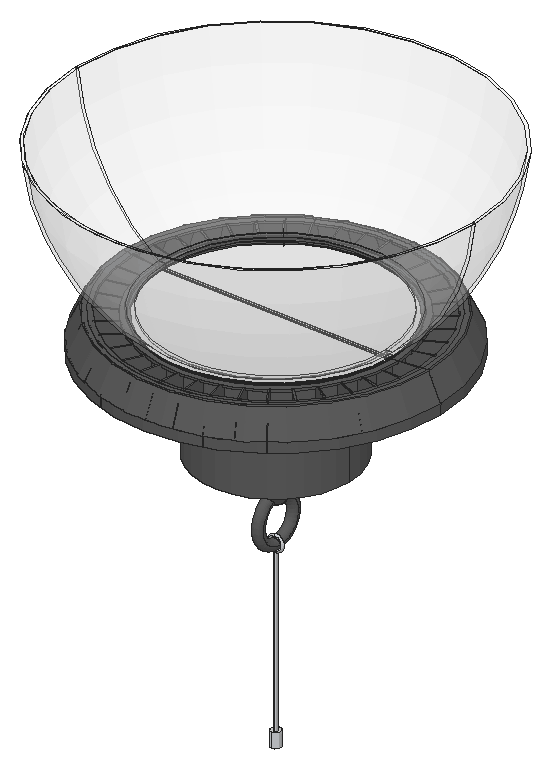
Revit family "0039352+0039361 Feilo Sylvania Lighting Fixture START HIGHBAY 6K 26KLM WIDE with PC LAMPSHADE TRANSPARENT FOR 26KLM", category Lighting Fixtures, host Face, Revit 2017
Family settings
  Host = Face
  Round Connector Dimension = Use Diameter
  Part Type = Normal
  OmniClass Number = 23.80.70.00
  OmniClass Title = Lighting
  Cut with Voids When Loaded = No
  Light Source = Yes
  Shared = No
  Room Calculation Point = No
Parameters (values of type "0039352+0039361 START HIGHBAY 6K 26KLM WIDE PC LAMPSHADE TRANSPARENT FOR 26KLM")
  WidthStraight_FEILO = if(SizeS_FEILO, 3 mm, if(SizeM_FEILO, 4 mm, 4.7 mm))  # 4.7 mm
  WidthRingChamfer_FEILO = if(SizeS_FEILO, 10.3 mm, if(SizeM_FEILO, 11.2 mm, 12.9 mm))  # 12.9 mm
  WidthCurved_FEILO = if(SizeS_FEILO, 17.4 mm, if(SizeM_FEILO, 16.4 mm, 26.2 mm))  # 26.2 mm
  WidthCurvedRing_FEILO = if(SizeS_FEILO, 3 mm, if(SizeM_FEILO, 4 mm, 4.7 mm))  # 4.7 mm
  WidthBracket_FEILO = 40 mm
  Weight = "3.7 kg"
  Wattage Comments = ""
  Wattage = 200 W
  WarrantyStartDate [instance] = "n/a"
  WarrantyGuarantorParts = "n/a"
  WarrantyDurationUnit = "n/a"
  WarrantyDurationParts = "n/a"
  WarrantyDescription = "n/a"
  built-in parameter 1150110 = 1 (stored number, unit not read)
  Voltage = 230 V
  VisibilityBracket_FEILO = no
  URL = "http://www.sylvania-lighting.com"
  TypeName = "START HIGHBAY 6K 26KLM WIDE PC LAMPSHADE TRANSPARENT FOR 26KLM"
  Type Image = <None>
  Type Comments = "n/a"
  built-in parameter 1114217 = 1 (stored number, unit not read)
  Tilt Angle = -90.00°
  ThicknessWall_FEILO = 1.5 mm
  ThicknessBracket_FEILO = 1.5 mm
  ThicknessBracketHalf_FEILO = ThicknessBracket_FEILO / 2  # 0.75 mm
  built-in parameter 1150109 = 1 (stored number, unit not read)
  built-in parameter 1150134 = 1
  SuspensionHeight_FEILO [instance] = 400 mm
  built-in parameter 1150113 = 1 (stored number, unit not read)
  SizeS_FEILO = no
  SizeM_FEILO = no
  ShadeThickness_FEILO = 3 mm
  ShadeSizeSM_FEILO = or(SizeS_FEILO, SizeM_FEILO)  # no
  ShadeRadiusOut_FEILO = 205 mm
  ShadeRadiusIn_FEILO = if(ShadeSizeSM_FEILO, 95 mm, 121 mm)  # 121 mm
  ShadeRadiusBend_FEILO = if(ShadeSizeSM_FEILO, 210 mm, 210 mm)  # 210 mm
  ShadeHeight_FEILO = if(ShadeSizeSM_FEILO, 120 mm, 151 mm)  # 151 mm
  SerialNumber [instance] = "n/a"
  Rib4_FEILO = if(SizeS_FEILO, 18.1 mm, if(SizeM_FEILO, 13.6 mm, 14.6 mm))  # 14.6 mm
  Rib3_FEILO = if(SizeS_FEILO, 15.3 mm, if(SizeM_FEILO, 17.6 mm, 20.2 mm))  # 20.2 mm
  Rib2_FEILO = if(SizeS_FEILO, 3.6 mm, if(SizeM_FEILO, 3.9 mm, 4.5 mm))  # 4.5 mm
  Rib1_FEILO = if(SizeS_FEILO, 15.1 mm, if(SizeM_FEILO, 16.5 mm, 19 mm))  # 19 mm
  RadiusDiffuser_FEILO = if(SizeS_FEILO, 95.2 mm, if(SizeM_FEILO, 105.3 mm, 120 mm))  # 120 mm
  RadiusArrayPost_FEILO = DriverRadius_FEILO - 6 mm  # 70.4 mm
  RHRadius3_FEILO = if(SizeS_FEILO, 6.6 mm, if(SizeM_FEILO, 7.4 mm, 8.6 mm))  # 8.6 mm
  RHRadius2_FEILO = if(SizeS_FEILO, 11 mm, if(SizeM_FEILO, 12 mm, 14 mm))  # 14 mm
  RHRadius1_FEILO = if(SizeS_FEILO, 13.6 mm, if(SizeM_FEILO, 14.9 mm, 17.7 mm))  # 17.7 mm
  RHHeight4_FEILO = if(SizeS_FEILO, 7.3 mm, if(SizeM_FEILO, 8 mm, 9.2 mm))  # 9.2 mm
  RHHeight3_FEILO = if(SizeS_FEILO, 3.6 mm, if(SizeM_FEILO, 3.7 mm, 4.6 mm))  # 4.6 mm
  RHHeight2_FEILO = if(SizeS_FEILO, 2 mm, if(SizeM_FEILO, 2.2 mm, 2.6 mm))  # 2.6 mm
  RHHeight1_FEILO = if(SizeS_FEILO, 11.8 mm, if(SizeM_FEILO, 15.3 mm, 17.4 mm))  # 17.4 mm
  Photometric Web File = "0039352+0039361.ies"
  Material_5_FEILO = Shade-Sylvania-StartHighbay-PC
  Material_3_FEILO = LED-Sylvania-StartHighbay-Glow
  PowerFactor = 0.95
  PowerConsumption = "200 W"
  NominalLength = 339 mm
  NominalHeight = 194 mm
  NominalDepth = 339 mm
  Name = "START HIGHBAY 6K 26KLM WIDE PC LAMPSHADE TRANSPARENT FOR 26KLM"
  ModelReference = Name  # "START HIGHBAY 6K 26KLM WIDE PC LAMPSHADE TRANSPARENT FOR 26KLM"
  ModelNumber = "0039352+0039361"
  Model = Name  # "START HIGHBAY 6K 26KLM WIDE PC LAMPSHADE TRANSPARENT FOR 26KLM"
  Material = "aluminium alloy housing, polycarbonate diffuser"
  ManufacturerName = "Feilo Sylvania"
  Manufacturer = "Feilo Sylvania"
  LuminousEfficacy = "130 lm/W"
  built-in parameter 1150105 = 17911 (stored number, unit not read)
  Lumens = 26000 lm
  LuminaireType = ""
  built-in parameter 1150115 = 1 (stored number, unit not read)
  LightOutputRatio = "n/a"
  built-in parameter 1150137 = (empty or 0)
  built-in parameter 1150139 = (empty or 0)
  LampsType = Lamp  # "LED"
  LampNominalLuminous = "26000 lm"
  LampMacAdamStep = "n/a"
  LampColourTemperature = "6500 K"
  LampColourRenderingIndex = "80"
  built-in parameter 1150112 = 1 (stored number, unit not read)
  built-in parameter 1150114 = 1 (stored number, unit not read)
  Lamp = "LED"
  Keynote = "16500"
  InstallationDate [instance] = "n/a"
  InputVoltage = "220-240V~"
  InputNominalFrequency = "50/60 Hz"
  built-in parameter 1150132 = (empty or 0)
  built-in parameter 1150102 = (empty or 0)
  built-in parameter 1150107 = 6500 (stored number, unit not read)
  built-in parameter 1150138 = (empty or 0)
  IngressProtection = "IP65"
  ImpactProtectionIndex = "IK08"
  built-in parameter 1150106 = 179.11 (stored number, unit not read)
  IfcExportType = "IfcLightFixtureType"
  IfcExportAs = "IfcLightFixtureType"
  HeightRing_FEILO = if(SizeS_FEILO, 19.8 mm, if(SizeM_FEILO, 32 mm, 36.8 mm))  # 36.8 mm
  HeightRingChamfer_FEILO = if(SizeS_FEILO, 11.7 mm, if(SizeM_FEILO, 23.2 mm, 26.6 mm))  # 26.6 mm
  EyeThickness_FEILO = if(SizeS_FEILO, 8.4 mm, if(SizeM_FEILO, 9.2 mm, 10.5 mm))  # 10.5 mm
  EyeThicknessHalf_FEILO = EyeThickness_FEILO / 2  # 5.25 mm
  EyeInner_FEILO = if(SizeS_FEILO, 13.8 mm, if(SizeM_FEILO, 15.1 mm, 17.3 mm))  # 17.3 mm
  ExpectedLife = 50000
  Emit from Circle Diameter = RadiusDiffuser_FEILO * 2  # 240 mm
  Emit Shape Visible in Rendering = no
  ElectricShockClassification = "Class I"
  built-in parameter 1150104 = 12.077 (stored number, unit not read)
  DurationUnit = "hours"
  DriverVerticalStraight_FEILO = if(SizeS_FEILO, 46.5 mm, if(SizeM_FEILO, 49.7 mm, 57 mm))  # 57 mm
  DriverVerticalChamfer_FEILO = if(SizeS_FEILO, 7.5 mm, if(SizeM_FEILO, 8.2 mm, 9.5 mm))  # 9.5 mm
  DriverRadius_FEILO = if(SizeS_FEILO, 61.4 mm, if(SizeM_FEILO, 67.2 mm, 76.4 mm))  # 76.4 mm
  DriverRadiusTop_FEILO = if(SizeS_FEILO, 42 mm, if(SizeM_FEILO, 45.3 mm, 52.4 mm))  # 52.4 mm
  DriverBottom_FEILO = if(SizeS_FEILO, 56 mm, if(SizeM_FEILO, 64.5 mm, 74 mm))  # 74 mm
  DocumentationLiterature = "http://www.sylvania-lighting.com/product/en-int/products/0039352"
  DimmingControlOptions = "n/a"
  Material_2_FEILO = Diffuser-Sylvania-StartHighbay-Transparent
  Radius_FEILO = if(SizeS_FEILO, 135 mm, if(SizeM_FEILO, 148 mm, 169.5 mm))  # 169.5 mm
  Dimming Lamp Color Temperature Shift = <None>
  DiameterWire_FEILO = 3 mm
  DiameterWireSupport_FEILO = 10 mm
  Description = "START HIGHBAY, includes 1 m cables, black aluminium housing, 26000LM, 200W, 130lm/W, 6500K, Driver current: 5000mA, CR80, 60° beam angle, 1-10V dimmable,  IP65, IK08, 50,000 hrs (L70B50), (LxWxH) 339x339x194mm"
  Default Elevation = 1219.2 mm
  CreatedOn = "2/28/2018"
  CreatedBy = ""
  Cost = 0
  Color Filter = 16777215
  built-in parameter 1114216 [instance] = (empty or 0)
  ClassificationValue = "EF_70_80"
  ClassificationName = "Uniclass2015"
  Material_1_FEILO = Body-Sylvania-StartHighbay-Black
  BarCode [instance] = "n/a"
  built-in parameter 1114218 = 1 (stored number, unit not read)
  built-in parameter 1150133 = 10 (stored number, unit not read)
  AssetType = "Fixed"
  AssetIdentifier [instance] = "n/a"
  Assembly Code = "D5020200"
  Apparent Load = 200 VA
  Material_4_FEILO = Shade-Sylvania-StartHighbay-PC
Reference planes
  plane 1 "Center (Front/Back)": y = 0
  plane 2: z = 0
  plane 3 "Center (Left/Right)": x = 0
  plane 4: z = 400
  plane 5: x = -169.5
  plane 6: x = -156.6
  plane 7: z = 373.4
  plane 8: z = 363.2
  plane 9: x = -151.9
  plane 10: z = 397.375
  plane 11: x = -125.7
  plane 12: x = -120
  plane 13: x = -147.2
  plane 14: z = 398.375
  plane 15: z = 396.375
  plane 16: x = -117
  plane 17: z = 395.375
  plane 18: x = -168
  plane 19: x = -150.5
  plane 20: z = 358.7
  plane 21: x = -130.3
  plane 22: z = 344.1
  plane 23: x = -20
  plane 24: z = 326
  plane 25: x = -76.4
  plane 26: z = 269
  plane 27: x = -52.4
  plane 28: z = 259.5
  plane 29: x = -17.7
  plane 30: z = 242.1
  plane 31: z = 239.5
  plane 32: x = -14
  plane 33: z = 234.9
  plane 34: z = 225.7
  plane 35: x = -8.6
  plane 36: z = 208.4
  plane 37: z = 191.1
  plane 38: x = 5.25
  plane 39: x = -5.25
  plane 40: z = 180.6
  plane 41: z = 185.85
  plane 42: x = -162.3
  plane 43: x = -167
  plane 44: z = 361.7
  plane 45: x = -155.1
  plane 46: z = 297.5
  plane 47: y = -20
  plane 48: y = 20
  plane 49: x = 169.5
  plane 50: x = 156.6
  plane 51: x = 168
  plane 52: x = 162.3
  plane 53: x = 167
  plane 54: x = 155.1
  plane 55: z = 194.1
  plane 56: y = 1.5
  plane 57: y = -1.5
  plane 58: z = 192.6
  plane 59: z = 179.1
  plane 60: z = 177.6
  plane 61: y = -5
  plane 62: y = 5
  plane 63: z = 14
  plane 64: x = -205
  plane 65: z = 551
  plane 66: x = -121
  plane 67: x = -113
  plane 68: x = -202
  plane 69: z = 403
Forms (mm)
  Revolve 1, solid, material "Body-Sylvania-StartHighbay-Black" <- "Material_1_FEILO", detail levels medium+fine
    sketch origin (0, 0, 0) x (1, 0, 0) y (0, 0, 1)
      loop
        line (-169.5, 363.2) -> (-168, 363.2) -> (-168, 373.055) -> (-156.206, 397.375) -> (-147.2, 397.375) -> (-147.2, 399.137)
        arc (-147.2, 399.137) -> (-149.554, 399.547) -> (-151.9, 400) r 132.063
        line (-151.9, 400) -> (-156.141, 400)
        arc (-156.141, 400) -> (-156.63, 399.826) -> (-156.899, 399.383) r 0.774
        line (-156.899, 399.383) -> (-169.5, 373.4) -> (-169.5, 363.2)
      axis (0, 400) -> (0, 363.2)
    angle from 360 to 0
  Revolve 2, solid, material "Body-Sylvania-StartHighbay-Black" <- "Material_1_FEILO", detail levels medium+fine
    sketch origin (0, 0, 0) x (1, 0, 0) y (0, 0, 1)
      loop
        line (-125.7, 395.375) -> (-120, 395.375) -> (-120, 373.4) -> (0, 373.4) -> (0, 395.375) -> (-117, 395.375) -> (-117, 396.375) -> (-120, 396.375) -> (-120, 397.375) -> (-125.7, 397.375) -> (-125.7, 395.375)
      axis (0, 397.375) -> (0, 373.4)
    angle from 360 to 0
  Revolve 3, solid, material "Diffuser-Sylvania-StartHighbay-Transparent" <- "Material_2_FEILO", detail levels medium+fine
    sketch origin (0, 0, 0) x (1, 0, 0) y (0, 0, 1)
      loop
        line (-120, 396.375) -> (0, 396.375) -> (0, 398.375) -> (-120, 398.375) -> (-120, 396.375)
      axis (0, 398.375) -> (0, 396.375)
    angle from 360 to 0
  Revolve 4, solid, material "Body-Sylvania-StartHighbay-Black" <- "Material_1_FEILO"
    sketch origin (0, 0, 0) x (1, 0, 0) y (0, 0, 1)
      loop
        line (-76.4, 344.1) -> (-76.4, 269) -> (-52.4, 259.5) -> (-17.7, 259.5) -> (-17.7, 242.1) -> (-14, 239.5) -> (-14, 234.9) -> (-9.037, 226.426)
        arc (-9.037, 226.426) -> (-8.49, 225.894) -> (-7.753, 225.7) r 1.5
        line (-7.753, 225.7) -> (0, 225.7) -> (0, 344.1) -> (-76.4, 344.1)
      axis (0, 344.1) -> (0, 225.7)
    angle from 360 to 0
  Revolve 5, solid, material "Body-Sylvania-StartHighbay-Black" <- "Material_1_FEILO"
    sketch origin (0, 0, 0) x (1, 0, 0) y (0, 0, 1)
      loop
        circle (0, 185.85) r 5.25
      axis (5.25, 208.4) -> (-5.25, 208.4)
    angle from 360 to 0
  Extrusion 6, solid, material "Body-Sylvania-StartHighbay-Black" <- "Material_1_FEILO", visible <- "VisibilityBracket_FEILO"
    sketch origin (0, 0, 0) x (1, 0, 0) y (0, 0, 1)
      loop
        line (-167, 363.2) -> (-167, 361.7) -> (-157.35, 361.7)
        arc (-157.35, 361.7) -> (-156.82, 361.48) -> (-156.6, 360.95) r 0.75
        line (-156.6, 360.95) -> (-156.6, 297.5) -> (-155.1, 297.5) -> (-155.1, 361.7)
        arc (-155.1, 361.7) -> (-155.539, 362.761) -> (-156.6, 363.2) r 1.5
        line (-156.6, 363.2) -> (-167, 363.2)
      loop
        line (167, 363.2) -> (156.6, 363.2)
        arc (156.6, 363.2) -> (155.539, 362.761) -> (155.1, 361.7) r 1.5
        line (155.1, 361.7) -> (155.1, 297.5) -> (156.6, 297.5) -> (156.6, 360.95)
        arc (156.6, 360.95) -> (156.82, 361.48) -> (157.35, 361.7) r 0.75
        line (157.35, 361.7) -> (167, 361.7) -> (167, 363.2)
    from -20 to 20
  Extrusion 7, void
    sketch origin (0, 0, 0) x (0, 1, 0) y (0, 0, 1)
      loop
        arc (-10, 297.5) -> (-17.071, 300.429) -> (-20, 307.5) r 10
        line (-20, 307.5) -> (-25, 307.5) -> (-25, 292.5) -> (-10, 292.5) -> (-10, 297.5)
      loop
        line (10, 297.5) -> (10, 292.5) -> (25, 292.5) -> (25, 307.5) -> (20, 307.5)
        arc (20, 307.5) -> (17.071, 300.429) -> (10, 297.5) r 10
    from -156.6 to 156.6
  Revolve 8, solid, material "Body-Sylvania-StartHighbay-Black" <- "Material_1_FEILO", detail levels coarse
    sketch origin (0, 0, 0) x (1, 0, 0) y (0, 0, 1)
      loop
        line (0, 400) -> (-156.6, 400) -> (-169.5, 373.4) -> (-169.5, 363.2) -> (-150.5, 363.2) -> (-150.5, 358.7) -> (-130.3, 344.1) -> (0, 344.1) -> (0, 400)
      axis (0, 400) -> (0, 344.1)
    angle from 360 to 0
  Revolve 9, solid
    sketch origin (0, 0, 0) x (0, 1, 0) y (0, 0, 1)
      loop
        circle (0, 192.6) r 1.5
      axis (1.5, 185.85) -> (-1.5, 185.85)
    angle from 360 to 0
  Revolve 10, solid
    sketch origin (0, 0, 0) x (0, 1, 0) y (0, 0, 1)
      loop
        line (0, 0) -> (0, 179.1) -> (-1.5, 179.1) -> (-1.5, 14) -> (-5, 14) -> (-5, 0) -> (0, 0)
      axis (0, 0) -> (0, 179.1)
    angle from 360 to 0
  Revolve 11, solid, material "Shade-Sylvania-StartHighbay-PC" <- "Material_4_FEILO"
    sketch origin (0, 0, 0) x (1, 0, 0) y (0, 0, 1)
      loop
        line (-121, 400) -> (-113, 400) -> (-113, 403) -> (-120.341, 403)
        arc (-120.341, 403) -> (-177.055, 468.269) -> (-202.193, 551) r 207.203
        line (-202.193, 551) -> (-205, 551)
        arc (-205, 551) -> (-179.25, 466.46) -> (-121, 400) r 210
      axis (0, 551) -> (0, 400)
    angle from 360 to 0
Cuts and joins
  Extrusion 7 cuts Extrusion 6
Lines and regions (mm)
  reference lines
    curve 1: line (-169.5, 0, 373.4) -> (-156.6, 0, 400)
    curve 2: line (-125.7, 0, 397.375) -> (0, 0, 397.375)
    curve 3: arc (-125.7, 0, 397.375) -> (-138.866, 0, 398.033) -> (-151.9, 0, 400) r 132.063
    curve 4: line (-156.6, 0, 400) -> (-151.9, 0, 400)
    curve 5: line (-156.206, 0, 397.375) -> (-168, 0, 373.055)
    curve 6: line (-150.5, 0, 358.7) -> (-130.3, 0, 344.1)
    curve 7: line (-14, 0, 234.9) -> (-8.6, 0, 225.7)
    curve 8: circle (0, 0, 185.85) r 5.25 normal (0, -1, 0)
    curve 9: arc (-121, 0, 400) -> (-179.25, 0, 466.46) -> (-205, 0, 551) r 210
Dimensions and locks
  "Radius_FEILO": plane 3 "Center (Left/Right)" to plane 5
  "WidthRingChamfer_FEILO": plane 6 to plane 5
  "WidthStraight_FEILO": plane 9 to plane 6
  "WidthCurvedRing_FEILO": plane 13 to plane 9
  locked: plane 10 to plane 15 at 1
  locked: plane 14 to plane 10 at 1
  locked: plane 4 to plane 10 at 2.625
  locked: plane 15 to plane 17 at 1
  "ThicknessWall_FEILO": plane 18 to plane 5
  "ThicknessWall_FEILO": curve 5 to curve 1
  "HeightRingChamfer_FEILO": plane 4 to plane 7
  "HeightRing_FEILO": plane 4 to plane 8
  "RadiusDiffuser_FEILO": plane 3 "Center (Left/Right)" to plane 12
  locked: plane 16 to plane 12 at 3
  "WidthCurved_FEILO": plane 11 to plane 9
  "SuspensionHeight_FEILO": plane 4 to plane 2
  "Rib1_FEILO": plane 19 to plane 5
  "Rib2_FEILO": plane 8 to plane 20
  "Rib3_FEILO": plane 21 to plane 19
  "Rib4_FEILO": plane 20 to plane 22
  locked: plane 3 "Center (Left/Right)" to plane 23 at 20
  "DriverBottom_FEILO": plane 4 to plane 24
  "DriverRadius_FEILO": plane 3 "Center (Left/Right)" to plane 25
  "DriverVerticalStraight_FEILO": plane 24 to plane 26
  "DriverRadiusTop_FEILO": plane 3 "Center (Left/Right)" to plane 27
  "DriverVerticalChamfer_FEILO": plane 26 to plane 28
  "RHRadius1_FEILO": plane 3 "Center (Left/Right)" to plane 29
  "RHHeight2_FEILO": plane 30 to plane 31
  "RHRadius2_FEILO": plane 3 "Center (Left/Right)" to plane 32
  "RHHeight3_FEILO": plane 31 to plane 33
  "RHHeight4_FEILO": plane 33 to plane 34
  "RHRadius3_FEILO": plane 3 "Center (Left/Right)" to plane 35
  "RHHeight1_FEILO": plane 28 to plane 30
  "EyeInner_FEILO": plane 34 to plane 36
  "EyeInner_FEILO": plane 36 to plane 37
  equal spacing: plane 38, plane 3 "Center (Left/Right)", plane 39
  "EyeThickness_FEILO": plane 38 to plane 39
  "EyeThickness_FEILO": plane 37 to plane 40
  equal spacing: plane 37, plane 41, plane 40
  equal spacing: plane 6, plane 42, plane 18
  "ThicknessBracket_FEILO": plane 45 to plane 6
  "ThicknessBracket_FEILO": plane 8 to plane 44
  locked: plane 43 to plane 18 at 1
  equal spacing: plane 24, plane 46, plane 26
  equal spacing: plane 47, plane 1 "Center (Front/Back)", plane 48
  "WidthBracket_FEILO": plane 47 to plane 48
  "WidthRingChamfer_FEILO": plane 50 to plane 49
  "ThicknessWall_FEILO": plane 51 to plane 49
  equal spacing: plane 50, plane 52, plane 51
  "ThicknessBracket_FEILO": plane 54 to plane 50
  locked: plane 53 to plane 51 at 1
  "Radius_FEILO": plane 49 to plane 3 "Center (Left/Right)"
  equal spacing: plane 57, imposter light, plane 56
  "DiameterWire_FEILO": plane 57 to plane 56
  "DiameterWire_FEILO": plane 37 to plane 55
  equal spacing: plane 37, plane 58, plane 55
  "DiameterWire_FEILO": plane 60 to plane 40
  equal spacing: plane 60, plane 59, plane 40
  equal spacing: plane 61, plane 1 "Center (Front/Back)", plane 62
  "DiameterWireSupport_FEILO": plane 61 to plane 62
  locked: plane 63 to plane 2 at 14
  "ShadeRadiusOut_FEILO": plane 3 "Center (Left/Right)" to plane 64
  "ShadeHeight_FEILO": plane 65 to plane 4
  "ShadeRadiusIn_FEILO": plane 3 "Center (Left/Right)" to plane 66
  locked: plane 67 to plane 66 at 8
  "ShadeThickness_FEILO": plane 69 to plane 4
  "ShadeThickness_FEILO": plane 68 to plane 64
  "EyeThicknessHalf_FEILO": radius of curve 8
  "ThicknessBracket_FEILO": radius of Extrusion 6 sketch curve  (x2)
  "ThicknessBracketHalf_FEILO": radius of Extrusion 6 sketch curve  (x2)
  "DiameterWire_FEILO": diameter of Revolve 9 sketch curve
  "ShadeRadiusBend_FEILO": radius of curve 9
  aligned and locked: plane 2 to host face
  aligned and locked: level to host face
  aligned and locked: plane 5 to curve 1
  aligned and locked: plane 6 to curve 1
  aligned and locked: plane 7 to curve 1
  aligned and locked: plane 10 to curve 2
  aligned and locked: plane 9 to curve 3
  aligned and locked: plane 4 to curve 3
  aligned and locked: plane 11 to curve 3
  aligned and locked: plane 4 to curve 4
  aligned and locked: plane 18 to curve 5
  aligned and locked: plane 10 to curve 5
  aligned and locked: Revolve 1 sketch curve to plane 3 "Center (Left/Right)"
  aligned and locked: Revolve 1 sketch curve to curve 3
  aligned and locked: Revolve 1 sketch curve to curve 1
  aligned and locked: plane 4 to Revolve 1 sketch curve
  aligned and locked: plane 9 to Revolve 1 sketch curve
  aligned and locked: Revolve 1 sketch curve to plane 13
  aligned and locked: Revolve 1 sketch curve to plane 10
  aligned and locked: plane 13 to Revolve 1 sketch curve
  aligned and locked: plane 10 to Revolve 1 sketch curve
  aligned and locked: Revolve 1 sketch curve to plane 18
  aligned and locked: Revolve 1 sketch curve to plane 8
  aligned and locked: plane 5 to Revolve 1 sketch curve  (x2)
  aligned and locked: Revolve 2 sketch curve to plane 3 "Center (Left/Right)"
  aligned and locked: plane 11 to Revolve 2 sketch curve
  aligned and locked: Revolve 2 sketch curve to curve 2
  aligned and locked: plane 15 to Revolve 2 sketch curve
  aligned and locked: Revolve 2 sketch curve to plane 16
  aligned and locked: plane 17 to Revolve 2 sketch curve  (x2)
  aligned and locked: Revolve 2 sketch curve to plane 12
  aligned and locked: plane 7 to Revolve 2 sketch curve
  aligned and locked: Revolve 3 sketch curve to plane 3 "Center (Left/Right)"
  aligned and locked: Revolve 3 sketch curve to plane 14
  aligned and locked: plane 3 "Center (Left/Right)" to Revolve 3 sketch curve
  aligned and locked: Revolve 3 sketch curve to plane 12
  aligned and locked: plane 15 to Revolve 3 sketch curve
  aligned and locked: Revolve 1 sketch curve to curve 5
  aligned and locked: plane 22 to curve 6
  aligned and locked: plane 21 to curve 6
  aligned and locked: plane 20 to curve 6
  aligned and locked: plane 19 to curve 6
  aligned and locked: plane 33 to curve 7
  aligned and locked: plane 32 to curve 7
  aligned and locked: plane 35 to curve 7
  aligned and locked: plane 34 to curve 7
  aligned and locked: Revolve 4 sketch curve to plane 3 "Center (Left/Right)"
  aligned and locked: Revolve 4 sketch curve to plane 25
  aligned and locked: plane 27 to Revolve 4 sketch curve
  aligned and locked: plane 28 to Revolve 4 sketch curve
  aligned and locked: plane 30 to Revolve 4 sketch curve
  aligned and locked: Revolve 4 sketch curve to plane 29
  aligned and locked: plane 31 to Revolve 4 sketch curve
  aligned and locked: Revolve 4 sketch curve to curve 7
  aligned and locked: Revolve 4 sketch curve to plane 32
  aligned and locked: plane 34 to Revolve 4 sketch curve
  aligned and locked: plane 3 "Center (Left/Right)" to Revolve 4 sketch curve
  aligned and locked: plane 3 "Center (Left/Right)" to curve 8
  aligned and locked: plane 41 to curve 8
  aligned and locked: Revolve 5 sketch curve to plane 36
  aligned and locked: Revolve 5 sketch curve to curve 8
  aligned and locked: plane 43 to Extrusion 6 sketch curve  (x2)
  aligned and locked: plane 8 to Extrusion 6 sketch curve  (x3)
  aligned and locked: Extrusion 6 sketch curve to plane 45
  aligned and locked: Extrusion 6 sketch curve to plane 46  (x2)
  aligned and locked: plane 6 to Extrusion 6 sketch curve
  aligned and locked: Extrusion 6 sketch curve to plane 44  (x2)
  aligned and locked: Extrusion 6 to plane 48
  aligned and locked: plane 47 to Extrusion 6
  aligned and locked: plane 53 to Extrusion 6 sketch curve
  aligned and locked: plane 50 to Extrusion 6 sketch curve
  aligned and locked: Extrusion 6 sketch curve to plane 54
  aligned and locked: Extrusion 7 sketch curve to Extrusion 7 sketch curve
  aligned and locked: Extrusion 7 to plane 6
  aligned and locked: Extrusion 7 to Extrusion 6
  aligned and locked: Revolve 4 sketch curve to plane 22
  aligned and locked: plane 23 to nested 1
  aligned and locked: plane 1 "Center (Front/Back)" to nested 1
  aligned and locked: Revolve 8 sketch curve to plane 3 "Center (Left/Right)"
  aligned and locked: Revolve 8 sketch curve to plane 4
  aligned and locked: plane 6 to Revolve 8 sketch curve
  aligned and locked: plane 4 to Revolve 8 sketch curve
  aligned and locked: plane 7 to Revolve 8 sketch curve
  aligned and locked: Revolve 8 sketch curve to plane 5
  aligned and locked: plane 8 to Revolve 8 sketch curve  (x2)
  aligned and locked: Revolve 8 sketch curve to plane 19
  aligned and locked: plane 20 to Revolve 8 sketch curve
  aligned and locked: plane 19 to Revolve 8 sketch curve
  aligned and locked: plane 21 to Revolve 8 sketch curve
  aligned and locked: plane 22 to Revolve 8 sketch curve  (x2)
  aligned and locked: Revolve 8 sketch curve to Revolve 8 sketch curve
  aligned and locked: imposter light to plane 4
  aligned and locked: plane 3 "Center (Left/Right)" to imposter light
  aligned and locked: imposter light to plane 1 "Center (Front/Back)"
  aligned and locked: Revolve 9 sketch curve to plane 41
  aligned and locked: Revolve 10 sketch curve to plane 1 "Center (Front/Back)"
  aligned and locked: plane 1 "Center (Front/Back)" to Revolve 10 sketch curve  (x2)
  aligned and locked: host face to Revolve 10 sketch curve
  aligned and locked: plane 63 to Revolve 10 sketch curve
  aligned and locked: Revolve 10 sketch curve to plane 61
  aligned and locked: Revolve 10 sketch curve to plane 57
  aligned and locked: plane 59 to Revolve 10 sketch curve
  aligned and locked: plane 64 to curve 9
  aligned and locked: plane 65 to curve 9
  aligned and locked: plane 66 to curve 9
  aligned and locked: plane 4 to curve 9
  aligned and locked: Revolve 11 sketch curve to curve 9
  aligned and locked: plane 67 to Revolve 11 sketch curve
  aligned and locked: plane 66 to Revolve 11 sketch curve
  aligned and locked: plane 65 to Revolve 11 sketch curve  (x2)
  aligned and locked: Revolve 11 sketch curve to plane 67
  aligned and locked: plane 69 to Revolve 11 sketch curve
Automatic sketch dimensions
  host sketch curve to host sketch curve = 2438.4 mm  (x2)
  Revolve 1 sketch curve to plane 6 = 0.299 mm
  plane 6 to Revolve 1 sketch curve = 0.459 mm
  Revolve 1 sketch curve to level = 609.6 mm
  Revolve 1 sketch curve to Revolve 1 sketch curve = 2312.223 mm
  Revolve 2 sketch curve to plane 12 = 0 mm
  Revolve 2 sketch curve to plane 3 "Center (Left/Right)" = 0 mm
  Revolve 2 sketch curve to level = 609.6 mm
  Revolve 2 sketch curve to plane 4 = 2339.058 mm
  Revolve 3 sketch curve to level = 609.6 mm
  Revolve 3 sketch curve to plane 4 = 2339.058 mm
  Revolve 5 sketch curve to plane 5 = 1080 mm
  plane 38 to Revolve 5 sketch curve = 1219.2 mm
  Extrusion 7 sketch curve to plane 47 = 0 mm
  plane 46 to Extrusion 7 sketch curve = 0 mm  (x2)
  Extrusion 7 sketch curve to plane 48 = 0 mm
  plane 47 to Extrusion 7 sketch curve = 5 mm
  plane 1 "Center (Front/Back)" to Extrusion 7 sketch curve = 10 mm
  Extrusion 7 sketch curve to Extrusion 7 sketch curve = 10 mm
  plane 46 to Extrusion 7 sketch curve = 5 mm
  Extrusion 7 sketch curve to Extrusion 7 sketch curve = 5 mm
  Extrusion 7 sketch curve to plane 48 = 5 mm
  Revolve 4 sketch curve to plane 26 = 0 mm
  Revolve 4 sketch curve to plane 35 = 0.437 mm
  plane 35 to Revolve 4 sketch curve = 0.847 mm
  Revolve 4 sketch curve to plane 34 = 0.726 mm
  plane 40 to Revolve 4 sketch curve = 590.2 mm
  Revolve 4 sketch curve to plane 4 = 2339.058 mm
  Revolve 8 sketch curve to level = 609.6 mm
  Revolve 8 sketch curve to Revolve 8 sketch curve = 2386.058 mm
  Revolve 9 sketch curve to plane 1 "Center (Front/Back)" = 0 mm
  plane 58 to Revolve 9 sketch curve = 0 mm
  plane 47 to Revolve 9 sketch curve = 2534.941 mm
  Revolve 9 sketch curve to plane 48 = 2077.409 mm
  Revolve 10 sketch curve to Revolve 10 sketch curve = 609.6 mm
  Revolve 10 sketch curve to plane 4 = 2123.807 mm
  curve 2 to plane 3 "Center (Left/Right)" = 0 mm
  Revolve 11 sketch curve to Revolve 11 sketch curve = 0 mm  (x2)
  Revolve 11 sketch curve to plane 3 "Center (Left/Right)" = 0 mm
  plane 66 to Revolve 11 sketch curve = 0.659 mm
  Revolve 11 sketch curve to level = 609.6 mm
  Revolve 11 sketch curve to Revolve 11 sketch curve = 2068.248 mm
Nested families
  nested 1: "Start Highbay Rib" at (0, 0, 397.375), type "Type Name", detail levels medium+fine
    with SuspensionHeight_FEILO 2.6 mm
  nested 2: "Start Highbay Rib" at (0, 0, 397.375) x (0.9877, 0.1564, 0) z (0, 0, 1), type "Type Name", detail levels medium+fine
    with SuspensionHeight_FEILO 2.6 mm
  nested 3: "Start Highbay Rib" at (0, 0, 397.375) x (0.9511, 0.309, 0) z (0, 0, 1), type "Type Name", detail levels medium+fine
    with SuspensionHeight_FEILO 2.6 mm
  nested 4: "Start Highbay Rib" at (0, 0, 397.375) x (0.891, 0.454, 0) z (0, 0, 1), type "Type Name", detail levels medium+fine
    with SuspensionHeight_FEILO 2.6 mm
  nested 5: "Start Highbay Rib" at (0, 0, 397.375) x (0.809, 0.5878, 0) z (0, 0, 1), type "Type Name", detail levels medium+fine
    with SuspensionHeight_FEILO 2.6 mm
  nested 6: "Start Highbay Rib" at (0, 0, 397.375) x (0.7071, 0.7071, 0) z (0, 0, 1), type "Type Name", detail levels medium+fine
    with SuspensionHeight_FEILO 2.6 mm
  nested 7: "Start Highbay Rib" at (0, 0, 397.375) x (0.5878, 0.809, 0) z (0, 0, 1), type "Type Name", detail levels medium+fine
    with SuspensionHeight_FEILO 2.6 mm
  nested 8: "Start Highbay Rib" at (0, 0, 397.375) x (0.454, 0.891, 0) z (0, 0, 1), type "Type Name", detail levels medium+fine
    with SuspensionHeight_FEILO 2.6 mm
  nested 9: "Start Highbay Rib" at (0, 0, 397.375) x (0.309, 0.9511, 0) z (0, 0, 1), type "Type Name", detail levels medium+fine
    with SuspensionHeight_FEILO 2.6 mm
  nested 10: "Start Highbay Rib" at (0, 0, 397.375) x (0.1564, 0.9877, 0) z (0, 0, 1), type "Type Name", detail levels medium+fine
    with SuspensionHeight_FEILO 2.6 mm
  nested 11: "Start Highbay Rib" at (0, 0, 397.375) x (0, 1, 0) z (0, 0, 1), type "Type Name", detail levels medium+fine
    with SuspensionHeight_FEILO 2.6 mm
  nested 12: "Start Highbay Rib" at (0, 0, 397.375) x (-0.1564, 0.9877, 0) z (0, 0, 1), type "Type Name", detail levels medium+fine
    with SuspensionHeight_FEILO 2.6 mm
  nested 13: "Start Highbay Rib" at (0, 0, 397.375) x (-0.309, 0.9511, 0) z (0, 0, 1), type "Type Name", detail levels medium+fine
    with SuspensionHeight_FEILO 2.6 mm
  nested 14: "Start Highbay Rib" at (0, 0, 397.375) x (-0.454, 0.891, 0) z (0, 0, 1), type "Type Name", detail levels medium+fine
    with SuspensionHeight_FEILO 2.6 mm
  nested 15: "Start Highbay Rib" at (0, 0, 397.375) x (-0.5878, 0.809, 0) z (0, 0, 1), type "Type Name", detail levels medium+fine
    with SuspensionHeight_FEILO 2.6 mm
  nested 16: "Start Highbay Rib" at (0, 0, 397.375) x (-0.7071, 0.7071, 0) z (0, 0, 1), type "Type Name", detail levels medium+fine
    with SuspensionHeight_FEILO 2.6 mm
  nested 17: "Start Highbay Rib" at (0, 0, 397.375) x (-0.809, 0.5878, 0) z (0, 0, 1), type "Type Name", detail levels medium+fine
    with SuspensionHeight_FEILO 2.6 mm
  nested 18: "Start Highbay Rib" at (0, 0, 397.375) x (-0.891, 0.454, 0) z (0, 0, 1), type "Type Name", detail levels medium+fine
    with SuspensionHeight_FEILO 2.6 mm
  nested 19: "Start Highbay Rib" at (0, 0, 397.375) x (-0.9511, 0.309, 0) z (0, 0, 1), type "Type Name", detail levels medium+fine
    with SuspensionHeight_FEILO 2.6 mm
  nested 20: "Start Highbay Rib" at (0, 0, 397.375) x (-0.9877, 0.1564, 0) z (0, 0, 1), type "Type Name", detail levels medium+fine
    with SuspensionHeight_FEILO 2.6 mm
  nested 21: "Start Highbay Rib" at (0, 0, 397.375) x (-1, 0, 0) z (0, 0, 1), type "Type Name", detail levels medium+fine
    with SuspensionHeight_FEILO 2.6 mm
  nested 22: "Start Highbay Rib" at (0, 0, 397.375) x (-0.9877, -0.1564, 0) z (0, 0, 1), type "Type Name", detail levels medium+fine
    with SuspensionHeight_FEILO 2.6 mm
  nested 23: "Start Highbay Rib" at (0, 0, 397.375) x (-0.9511, -0.309, 0) z (0, 0, 1), type "Type Name", detail levels medium+fine
    with SuspensionHeight_FEILO 2.6 mm
  nested 24: "Start Highbay Rib" at (0, 0, 397.375) x (-0.891, -0.454, 0) z (0, 0, 1), type "Type Name", detail levels medium+fine
    with SuspensionHeight_FEILO 2.6 mm
  nested 25: "Start Highbay Rib" at (0, 0, 397.375) x (-0.809, -0.5878, 0) z (0, 0, 1), type "Type Name", detail levels medium+fine
    with SuspensionHeight_FEILO 2.6 mm
  nested 26: "Start Highbay Rib" at (0, 0, 397.375) x (-0.7071, -0.7071, 0) z (0, 0, 1), type "Type Name", detail levels medium+fine
    with SuspensionHeight_FEILO 2.6 mm
  nested 27: "Start Highbay Rib" at (0, 0, 397.375) x (-0.5878, -0.809, 0) z (0, 0, 1), type "Type Name", detail levels medium+fine
    with SuspensionHeight_FEILO 2.6 mm
  nested 28: "Start Highbay Rib" at (0, 0, 397.375) x (-0.454, -0.891, 0) z (0, 0, 1), type "Type Name", detail levels medium+fine
    with SuspensionHeight_FEILO 2.6 mm
  nested 29: "Start Highbay Rib" at (0, 0, 397.375) x (-0.309, -0.9511, 0) z (0, 0, 1), type "Type Name", detail levels medium+fine
    with SuspensionHeight_FEILO 2.6 mm
  nested 30: "Start Highbay Rib" at (0, 0, 397.375) x (-0.1564, -0.9877, 0) z (0, 0, 1), type "Type Name", detail levels medium+fine
    with SuspensionHeight_FEILO 2.6 mm
  nested 31: "Start Highbay Rib" at (0, 0, 397.375) x (0, -1, 0) z (0, 0, 1), type "Type Name", detail levels medium+fine
    with SuspensionHeight_FEILO 2.6 mm
  nested 32: "Start Highbay Rib" at (0, 0, 397.375) x (0.1564, -0.9877, 0) z (0, 0, 1), type "Type Name", detail levels medium+fine
    with SuspensionHeight_FEILO 2.6 mm
  nested 33: "Start Highbay Rib" at (0, 0, 397.375) x (0.309, -0.9511, 0) z (0, 0, 1), type "Type Name", detail levels medium+fine
    with SuspensionHeight_FEILO 2.6 mm
  nested 34: "Start Highbay Rib" at (0, 0, 397.375) x (0.454, -0.891, 0) z (0, 0, 1), type "Type Name", detail levels medium+fine
    with SuspensionHeight_FEILO 2.6 mm
  nested 35: "Start Highbay Rib" at (0, 0, 397.375) x (0.5878, -0.809, 0) z (0, 0, 1), type "Type Name", detail levels medium+fine
    with SuspensionHeight_FEILO 2.6 mm
  nested 36: "Start Highbay Rib" at (0, 0, 397.375) x (0.7071, -0.7071, 0) z (0, 0, 1), type "Type Name", detail levels medium+fine
    with SuspensionHeight_FEILO 2.6 mm
  nested 37: "Start Highbay Rib" at (0, 0, 397.375) x (0.809, -0.5878, 0) z (0, 0, 1), type "Type Name", detail levels medium+fine
    with SuspensionHeight_FEILO 2.6 mm
  nested 38: "Start Highbay Rib" at (0, 0, 397.375) x (0.891, -0.454, 0) z (0, 0, 1), type "Type Name", detail levels medium+fine
    with SuspensionHeight_FEILO 2.6 mm
  nested 39: "Start Highbay Rib" at (0, 0, 397.375) x (0.9511, -0.309, 0) z (0, 0, 1), type "Type Name", detail levels medium+fine
    with SuspensionHeight_FEILO 2.6 mm
  nested 40: "Start Highbay Rib" at (0, 0, 397.375) x (0.9877, -0.1564, 0) z (0, 0, 1), type "Type Name", detail levels medium+fine
    with SuspensionHeight_FEILO 2.6 mm
Connectors
  electrical at (0, 0, 0), driven by "Apparent Load", driven by "PowerFactor", driven by "Voltage"
    settings: index 1, voltage 230 V, apparent load 200 VA, apparent load phase1 0 VA, apparent load phase2 0 VA, apparent load phase3 0 VA, power factor 0.95, load classification "Lighting", number of poles 1, system type 30, power factor state 1, is connector primary yes, connector utility no, sub classification motor no, connector description ""
Definition of nested family "Start Highbay Rib"
  Parameters (values of type "Type Name")
    WidthStraight_FEILO = if(SizeS_FEILO, 3 mm, if(SizeM_FEILO, 4 mm, 4.7 mm))  # 3 mm
    WidthRingChamfer_FEILO = if(SizeS_FEILO, 10.3 mm, if(SizeM_FEILO, 11.2 mm, 12.9 mm))  # 10.3 mm
    WidthCurved_FEILO = if(SizeS_FEILO, 17.4 mm, if(SizeM_FEILO, 16.4 mm, 26.2 mm))  # 17.4 mm
    WidthCurvedRing_FEILO = if(SizeS_FEILO, 3 mm, if(SizeM_FEILO, 4 mm, 4.7 mm))  # 3 mm
    WidthBracket_FEILO = 40 mm
    URL = "http://www.feilosylvania.com"
    Type Image = (empty or 0)
    Type Comments = "n/a"
    ThicknessWall_FEILO = 1.5 mm
    ThicknessBracket_FEILO = 1.5 mm
    ThicknessBracketHalf_FEILO = ThicknessBracket_FEILO / 2  # 0.75 mm
    SuspensionHeight_FEILO [instance] = 2.6 mm
    SizeS_FEILO = yes
    SizeM_FEILO = no
    Rib4_FEILO = if(SizeS_FEILO, 18.1 mm, if(SizeM_FEILO, 13.6 mm, 14.6 mm))  # 18.1 mm
    Rib3_FEILO = if(SizeS_FEILO, 15.3 mm, if(SizeM_FEILO, 17.6 mm, 20.2 mm))  # 15.3 mm
    Rib2_FEILO = if(SizeS_FEILO, 3.6 mm, if(SizeM_FEILO, 3.9 mm, 4.5 mm))  # 3.6 mm
    Rib1_FEILO = if(SizeS_FEILO, 15.1 mm, if(SizeM_FEILO, 16.5 mm, 19 mm))  # 15.1 mm
    RadiusRib_FEILO = 2 mm
    RadiusDiffuser_FEILO = if(SizeS_FEILO, 95.2 mm, if(SizeM_FEILO, 105.3 mm, 120 mm))  # 95.2 mm
    RHRadius3_FEILO = if(SizeS_FEILO, 6.6 mm, if(SizeM_FEILO, 7.4 mm, 8.6 mm))  # 6.6 mm
    RHRadius2_FEILO = if(SizeS_FEILO, 11 mm, if(SizeM_FEILO, 12 mm, 14 mm))  # 11 mm
    RHRadius1_FEILO = if(SizeS_FEILO, 13.6 mm, if(SizeM_FEILO, 14.9 mm, 17.7 mm))  # 13.6 mm
    RHHeight4_FEILO = if(SizeS_FEILO, 7.3 mm, if(SizeM_FEILO, 8 mm, 9.2 mm))  # 7.3 mm
    RHHeight3_FEILO = if(SizeS_FEILO, 3.6 mm, if(SizeM_FEILO, 3.7 mm, 4.6 mm))  # 3.6 mm
    RHHeight2_FEILO = if(SizeS_FEILO, 2 mm, if(SizeM_FEILO, 2.2 mm, 2.6 mm))  # 2 mm
    RHHeight1_FEILO = if(SizeS_FEILO, 11.8 mm, if(SizeM_FEILO, 15.3 mm, 17.4 mm))  # 11.8 mm
    Material_3_FEILO = none
    Model = ""
    Manufacturer = "Feilo Sylvania"
    Keynote = "16500"
    HeightRing_FEILO = if(SizeS_FEILO, 19.8 mm, if(SizeM_FEILO, 32 mm, 36.8 mm))  # 19.8 mm
    HeightRingChamfer_FEILO = if(SizeS_FEILO, 11.7 mm, if(SizeM_FEILO, 23.2 mm, 26.6 mm))  # 11.7 mm
    EyeThickness_FEILO = if(SizeS_FEILO, 8.4 mm, if(SizeM_FEILO, 9.2 mm, 10.5 mm))  # 8.4 mm
    EyeThicknessHalf_FEILO = EyeThickness_FEILO / 2  # 4.2 mm
    EyeInner_FEILO = if(SizeS_FEILO, 13.8 mm, if(SizeM_FEILO, 15.1 mm, 17.3 mm))  # 13.8 mm
    DriverVerticalStraight_FEILO = if(SizeS_FEILO, 46.5 mm, if(SizeM_FEILO, 49.7 mm, 57 mm))  # 46.5 mm
    DriverVerticalChamfer_FEILO = if(SizeS_FEILO, 7.5 mm, if(SizeM_FEILO, 8.2 mm, 9.5 mm))  # 7.5 mm
    DriverRadius_FEILO = if(SizeS_FEILO, 61.4 mm, if(SizeM_FEILO, 67.2 mm, 76.4 mm))  # 61.4 mm
    DriverRadiusTop_FEILO = if(SizeS_FEILO, 42 mm, if(SizeM_FEILO, 45.3 mm, 52.4 mm))  # 42 mm
    DriverBottom_FEILO = if(SizeS_FEILO, 56 mm, if(SizeM_FEILO, 64.5 mm, 74 mm))  # 56 mm
    Material_2_FEILO = none
    Radius_FEILO = if(SizeS_FEILO, 135 mm, if(SizeM_FEILO, 148 mm, 169.5 mm))  # 135 mm
    Description = ""
    Default Elevation = 1219.2 mm
    Cost = 0
    Material_1_FEILO = none
    Assembly Code = "D5020200"
    Material_4_FEILO = none
  Reference planes
    plane 1 "Center (Front/Back)": y = 0
    plane 2: z = 0
    plane 3 "Center (Left/Right)": x = 0
    plane 4: z = 2.6
    plane 5: x = -135
    plane 6: x = -124.7
    plane 7: z = -9.1
    plane 8: z = -17.2
    plane 9: x = -121.7
    plane 10: z = -0.025
    plane 11: x = -104.3
    plane 12: x = -95.2
    plane 13: x = -118.7
    plane 14: z = 0.975
    plane 15: z = -1.025
    plane 16: x = -92.2
    plane 17: z = -2.025
    plane 18: x = -133.5
    plane 19: x = -119.9
    plane 20: z = -20.8
    plane 21: x = -104.6
    plane 22: z = -38.9
    plane 23: x = -20
    plane 24: z = -53.4
    plane 25: x = -61.4
    plane 26: z = -99.9
    plane 27: x = -42
    plane 28: z = -107.4
    plane 29: x = -13.6
    plane 30: z = -119.2
    plane 31: z = -121.2
    plane 32: x = -11
    plane 33: z = -124.8
    plane 34: z = -132.1
    plane 35: x = -6.6
    plane 36: z = -145.9
    plane 37: z = -159.7
    plane 38: x = 4.2
    plane 39: x = -4.2
    plane 40: z = -168.1
    plane 41: z = -163.9
    plane 42: x = -129.1
    plane 43: x = -132.5
    plane 44: z = -18.7
    plane 45: x = -123.2
    plane 46: z = -76.65
    plane 47: y = -20
    plane 48: y = 20
    plane 49: x = 135
    plane 50: x = 124.7
    plane 51: x = 133.5
    plane 52: x = 129.1
    plane 53: x = 132.5
    plane 54: x = 123.2
    plane 55: y = 0.75
    plane 56: y = -0.75
  Forms (mm)
    Extrusion 1, solid
      sketch origin (4.2, 0, 0) x (1, 0, 0) y (0, 1, 0)
        loop
          line (-1219.2, 1219.2) -> (-1219.2, -1219.2) -> (1219.2, -1219.2) -> (1219.2, 1219.2) -> (-1219.2, 1219.2)
      from 0 to -68.017
    Extrusion 2, solid, material <- "Material_1_FEILO"
      sketch origin (0, 0, 0) x (1, 0, 0) y (0, 0, 1)
        loop
          arc (-104.3, -0.025) -> (-111.555, 0.423) -> (-118.7, 1.76) r 58.981
          line (-118.7, 1.76) -> (-118.7, -0.025) -> (-125.012, -0.025) -> (-133.5, -9.666) -> (-133.5, -17.2) -> (-119.9, -17.2) -> (-119.9, -20.068)
          arc (-119.9, -20.068) -> (-119.778, -20.755) -> (-119.427, -21.359) r 2
          line (-119.427, -21.359) -> (-104.966, -38.467)
          arc (-104.966, -38.467) -> (-104.381, -38.789) -> (-103.723, -38.9) r 2
          line (-103.723, -38.9) -> (-20, -38.9) -> (-20, -9.1) -> (-95.2, -9.1) -> (-95.2, -2.025) -> (-104.3, -2.025) -> (-104.3, -0.025)
      from -0.75 to 0.75
  Lines and regions (mm)
    reference lines
      curve 1: line (-135, 0, -9.1) -> (-124.7, 0, 2.6)
      curve 2: line (-104.3, 0, -0.025) -> (0, 0, -0.025)
      curve 3: arc (-104.3, 0, -0.025) -> (-113.098, 0, 0.635) -> (-121.7, 0, 2.6) r 58.981
      curve 4: line (-124.7, 0, 2.6) -> (-121.7, 0, 2.6)
      curve 5: line (-125.012, 0, -0.025) -> (-133.5, 0, -9.666)
      curve 6: line (-119.9, 0, -20.8) -> (-104.6, 0, -38.9)
  Dimensions and locks
    "Radius_FEILO": plane 3 "Center (Left/Right)" to plane 5
    "WidthRingChamfer_FEILO": plane 6 to plane 5
    "WidthStraight_FEILO": plane 9 to plane 6
    "WidthCurvedRing_FEILO": plane 13 to plane 9
    locked: plane 10 to plane 15 at 1
    locked: plane 14 to plane 10 at 1
    locked: plane 4 to plane 10 at 2.625
    locked: plane 15 to plane 17 at 1
    "ThicknessWall_FEILO": plane 18 to plane 5
    "ThicknessWall_FEILO": curve 5 to curve 1
    "HeightRingChamfer_FEILO": plane 4 to plane 7
    "HeightRing_FEILO": plane 4 to plane 8
    "RadiusDiffuser_FEILO": plane 3 "Center (Left/Right)" to plane 12
    locked: plane 16 to plane 12 at 3
    "WidthCurved_FEILO": plane 11 to plane 9
    "SuspensionHeight_FEILO": plane 4 to plane 2
    "Rib1_FEILO": plane 19 to plane 5
    "Rib2_FEILO": plane 8 to plane 20
    "Rib3_FEILO": plane 21 to plane 19
    "Rib4_FEILO": plane 20 to plane 22
    locked: plane 3 "Center (Left/Right)" to plane 23 at 20
    "DriverBottom_FEILO": plane 4 to plane 24
    "DriverRadius_FEILO": plane 3 "Center (Left/Right)" to plane 25
    "DriverVerticalStraight_FEILO": plane 24 to plane 26
    "DriverRadiusTop_FEILO": plane 3 "Center (Left/Right)" to plane 27
    "DriverVerticalChamfer_FEILO": plane 26 to plane 28
    "RHRadius1_FEILO": plane 3 "Center (Left/Right)" to plane 29
    "RHHeight2_FEILO": plane 30 to plane 31
    "RHRadius2_FEILO": plane 3 "Center (Left/Right)" to plane 32
    "RHHeight3_FEILO": plane 31 to plane 33
    "RHHeight4_FEILO": plane 33 to plane 34
    "RHRadius3_FEILO": plane 3 "Center (Left/Right)" to plane 35
    "RHHeight1_FEILO": plane 28 to plane 30
    "EyeInner_FEILO": plane 34 to plane 36
    "EyeInner_FEILO": plane 36 to plane 37
    equal spacing: plane 38, plane 3 "Center (Left/Right)", plane 39
    "EyeThickness_FEILO": plane 38 to plane 39
    "EyeThickness_FEILO": plane 37 to plane 40
    equal spacing: plane 37, plane 41, plane 40
    equal spacing: plane 6, plane 42, plane 18
    "ThicknessBracket_FEILO": plane 45 to plane 6
    "ThicknessBracket_FEILO": plane 8 to plane 44
    locked: plane 43 to plane 18 at 1
    equal spacing: plane 24, plane 46, plane 26
    equal spacing: plane 47, plane 1 "Center (Front/Back)", plane 48
    "WidthBracket_FEILO": plane 47 to plane 48
    "WidthRingChamfer_FEILO": plane 50 to plane 49
    "ThicknessWall_FEILO": plane 51 to plane 49
    equal spacing: plane 50, plane 52, plane 51
    "ThicknessBracket_FEILO": plane 54 to plane 50
    locked: plane 53 to plane 51 at 1
    "Radius_FEILO": plane 49 to plane 3 "Center (Left/Right)"
    equal spacing: plane 56, plane 1 "Center (Front/Back)", plane 55
    "ThicknessWall_FEILO": plane 56 to plane 55
    "RadiusRib_FEILO": radius of Extrusion 2 sketch curve  (x2)
    aligned and locked: plane 2 to Extrusion 1
    aligned and locked: level to Extrusion 1
    aligned and locked: plane 5 to curve 1
    aligned and locked: plane 6 to curve 1
    aligned and locked: plane 7 to curve 1
    aligned and locked: plane 10 to curve 2
    aligned and locked: plane 9 to curve 3
    aligned and locked: plane 4 to curve 3
    aligned and locked: plane 11 to curve 3
    aligned and locked: plane 4 to curve 4
    aligned and locked: plane 18 to curve 5
    aligned and locked: plane 10 to curve 5
    aligned and locked: plane 22 to curve 6
    aligned and locked: plane 21 to curve 6
    aligned and locked: plane 20 to curve 6
    aligned and locked: plane 19 to curve 6
    aligned and locked: Extrusion 2 sketch curve to plane 23
    aligned and locked: Extrusion 2 sketch curve to plane 22
    aligned and locked: Extrusion 2 sketch curve to curve 6
    aligned and locked: plane 19 to Extrusion 2 sketch curve
    aligned and locked: Extrusion 2 sketch curve to plane 8
    aligned and locked: Extrusion 2 sketch curve to curve 5
    aligned and locked: Extrusion 2 sketch curve to curve 3
    aligned and locked: Extrusion 2 to plane 55
    aligned and locked: plane 56 to Extrusion 2
    aligned and locked: curve 6 to Extrusion 2 sketch curve
  Automatic sketch dimensions
    Extrusion 1 sketch curve to Extrusion 1 sketch curve = 2438.4 mm  (x2)
    curve 2 to plane 3 "Center (Left/Right)" = 0 mm
    Extrusion 2 sketch curve to plane 18 = 0 mm
    Extrusion 2 sketch curve to plane 10 = 0 mm
    Extrusion 2 sketch curve to plane 13 = 0 mm
    Extrusion 2 sketch curve to plane 7 = 0 mm
    Extrusion 2 sketch curve to plane 12 = 0 mm
    Extrusion 2 sketch curve to plane 17 = 0 mm
    plane 19 to Extrusion 2 sketch curve = 0.473 mm
    Extrusion 2 sketch curve to plane 21 = 0.366 mm
